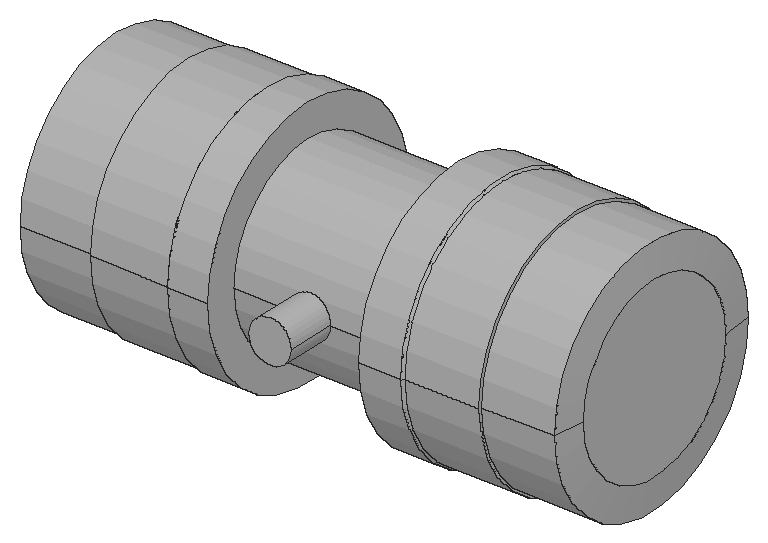
Revit family "Plumbing_Joints_Aignep_Female-Fitting-With-Condense-Exhaust-Incorporated-90250", category Pipe Fittings, Revit 2018
Family settings
  Round Connector Dimension = Use Diameter
  Part Type = Tee
  OmniClass Number = 23.27.43.00
  Work Plane-Based = No
  Always vertical = Yes
  Cut with Voids When Loaded = No
  Shared = No
Parameters (values of type "90250")
  QR code = "https://www.bimobject.com/aignep/product/female-fitting-with-condense-exhaust-incorporated-90250"
  Product url = "https://www.aignep.com/eng/Pipe-fittings-INFINITY/Air-Pipeline-INFINITY-Series/FEMALE-FITTING-WITH-CONDENSE-EXHAUST-INCORPORATED"
  Product name = "Female Fitting With Condense Exhaust Incorporated - 90250"
  Product group = "Fittings"
  Product family = "INFINITY"
  Product certification = "https://www.aignep.com/eng/Certificazioni/FREE-OF-SILICON"
  Product SKU = "Female-Fitting-With-Condense-Exhaust-Incorporated-90250"
  Product Material = AIGNEP - Aluminium - Grey
  Product Guid = "8c252e73-3389-4dec-8777-b9f8dd8f057a"
  OmniClass Description = "Pipe Fittings"
  OmniClass Code = "23-27 43 00"
  Material main = "Aluminium"
  Manufacturer name = "Aignep Spa"
  Manufacturer country = "Italy"
  IFC Classification = "Pipe Fitting"
  FD [instance] = Nominal Diameter 02 * 1.25  # 15.875 mm
  Design country = "Italy"
  DFE [instance] = 0.6 * E  # 56.400 mm
  BIMobject category = "Joints"
  B/2 [instance] = B / 2  # 28.750 mm
  Tick Size 02 [instance] = Nominal Diameter 02 * 0.8  # 10.160 mm
  Nominal Diameter 02 [instance] = 12.700 mm
  Nominal Diameter 01 [instance] = 63.000 mm
  L2 [instance] = size_lookup(Lookup Table Name, "L2", 0.000 mm, Nominal Diameter 01, Nominal Diameter 02)  # 53.000 mm
  L1 [instance] = size_lookup(Lookup Table Name, "L1", 0.000 mm, Nominal Diameter 01, Nominal Diameter 02)  # 203.000 mm
  Description = "Female fitting with condense exhaust incorporated"  # constant formula
  CH1 [instance] = size_lookup(Lookup Table Name, "CH1", 0.000 mm, Nominal Diameter 01, Nominal Diameter 02)  # 75.000 mm
  CH [instance] = size_lookup(Lookup Table Name, "CH", 0.000 mm, Nominal Diameter 01, Nominal Diameter 02)  # 80.000 mm
  A [instance] = size_lookup(Lookup Table Name, "A", 0.000 mm, Nominal Diameter 01, Nominal Diameter 02)  # 13.500 mm
  URL = "https://www.aignep.com/"
  Tick Size 01 [instance] = Nominal Diameter 01 * 0.8  # 50.400 mm
  Product data url = "https://www.bimobject.com/aignep/product/female-fitting-with-condense-exhaust-incorporated-90250"
  Model = "90250"  # constant formula
  Manufacturer = "Aignep Spa"  # constant formula
  Lookup Table Name = "Tee - 90250"  # constant formula
  Keynote = "15410"
  Edition number = 1
  C [instance] = size_lookup(Lookup Table Name, "C", 0.000 mm, Nominal Diameter 01, Nominal Diameter 02)  # 88.000 mm
  E [instance] = size_lookup(Lookup Table Name, "E", 0.000 mm, Nominal Diameter 01, Nominal Diameter 02)  # 94.000 mm
  B [instance] = size_lookup(Lookup Table Name, "B", 0.000 mm, Nominal Diameter 01, Nominal Diameter 02)  # 57.500 mm
  Assembly Code = "D2040100"
  Article Code [instance] = size_lookup(Lookup Table Name, "", "", Nominal Diameter 01, Nominal Diameter 02)  # "90250 00 017 A"
Reference planes
  plane 1 "Center (Front/Back)": y = 0
  plane 2: z = 0
  plane 3 "Center (Left/Right)": x = 0
  plane 4: x = -44
  plane 5: x = 44
  plane 6: y = -53
  plane 7: x = 101.5
  plane 8: x = -101.5
  plane 9: y = -39.5
  plane 10: y = 47
  plane 11: y = -47
  plane 12: x = -28.2
  plane 13: x = 28.2
  plane 14: z = -47
  plane 15: z = 47
Forms (mm)
  Sweep 1, solid, not visible, detail levels coarse
    path in 3D
      loop
        line (-44, 0, 0) -> (44, 0, 0)
    profile origin (0, 0, 0) x (0, 1, 0) y (0, 0, 1)
      loop
        circle (0, 0) r 31.5
  Sweep 2, solid, not visible, detail levels coarse
    path in 3D
      loop
        line (0, 0, 0) -> (0, -39.5, 0)
    profile origin (0, -19.75, 0) x (1, 0, 0) y (0, 0, 1)
      loop
        circle (0, 0) r 6.35
  Sweep 3, solid, material "AIGNEP - Aluminium - Grey" <- "Product Material", detail levels fine
    path origin (-32.5, 55.314, 1200) x (0, 1, 0) y (0, 0, 1)
      loop
        circle (-55.314, -1200) r 31.5
    profile origin (-32.5, 0, 31.5) x (0, 0, -1) y (1, 0, 0)
      loop
        line (-14.75, -40.25) -> (-13.8, -40.25) -> (-13.8, -67.25) -> (-1.75, -69) -> (0, -69) -> (0, 57.25) -> (0, 134) -> (-1.75, 134) -> (-13.8, 132.75) -> (-13.8, 105.25) -> (-14.75, 105.25) -> (-14.75, 77.25) -> (-15.5, 76.5) -> (-15.5, 60.7) -> (-3.5, 60.7) -> (-3.5, 57.154) -> (-3.5, 4.3) -> (-15.5, 4.3) -> (-15.5, -10.75) -> (-14.75, -11.5) -> (-14.75, -40.25)
  Sweep 4, solid, material "AIGNEP - Aluminium - Grey" <- "Product Material", detail levels fine
    path origin (0, 0, 0) x (1, 0, 0) y (0, 1, 0)
      loop
        line (-101.5, 0) -> (101.5, 0)
    profile origin (0, 0, 0) x (0, 1, 0) y (0, 0, 1)
      loop
        circle (0, 0) r 31.5
  Sweep 5, solid, material "AIGNEP - Aluminium - Grey" <- "Product Material", detail levels fine
    path origin (0, 0, 0) x (1, 0, 0) y (0, 1, 0)
      loop
        line (0, 0) -> (0, -53)
    profile origin (0, -26.5, 0) x (1, 0, 0) y (0, 0, 1)
      loop
        circle (0, 0) r 7.938
Cuts and joins
  joined: Sweep 3, Sweep 4, Sweep 5
Lines and regions (mm)
  model lines, detail levels coarse+medium
    curve 1: line (-44, 0, 0) -> (44, 0, 0)
    curve 2: line (0, 0, 0) -> (0, -39.5, 0)
    curve 3: line (-44, 25.2, 0) -> (-44, -25.2, 0)
    curve 4: line (44, 25.2, 0) -> (44, -25.2, 0)
    curve 5: line (-5.08, -39.5, 0) -> (5.08, -39.5, 0)
  sketch lines
    curve 6: line (-44, 0, 0) -> (44, 0, 0)
    curve 7: line (0, 0, 0) -> (0, -39.5, 0)
Dimensions and locks
  equal spacing: plane 4, plane 3 "Center (Left/Right)", plane 5
  "C": plane 4 to plane 5
  "B": plane 5 to plane 7
  "L1": plane 8 to plane 7
  "L2": plane 6 to plane 1 "Center (Front/Back)"
  equal spacing: plane 10, plane 1 "Center (Front/Back)", plane 11
  "E": plane 10 to plane 11
  equal spacing: plane 12, plane 3 "Center (Left/Right)", plane 13
  "DFE": plane 12 to plane 13
  equal spacing: curve 3, plane 1 "Center (Front/Back)", curve 3
  "Tick Size 01": curve 3 to curve 3
  equal spacing: curve 4, plane 1 "Center (Front/Back)", curve 4
  "Tick Size 01": curve 4 to curve 4
  equal spacing: curve 5, plane 3 "Center (Left/Right)", curve 5
  "Tick Size 02": curve 5 to curve 5
  equal spacing: plane 15, plane 2, plane 14
  "E": plane 15 to plane 14
  "B/2": plane 4 to Sweep 3 sketch curve
  "B/2": Sweep 3 sketch curve to plane 5
  locked: Sweep 3 sketch curve to Sweep 3 sketch curve at 1.75
  locked: Sweep 3 sketch curve to profile plane at 1.75
  "A": plane 9 to plane 6
  "Nominal Diameter 01": diameter of Sweep 1 sketch curve
  "Nominal Diameter 02": diameter of Sweep 2 sketch curve
  "Nominal Diameter 01": diameter of Sweep 3 sketch curve
  "Nominal Diameter 01": diameter of Sweep 4 sketch curve
  "FD": diameter of Sweep 5 sketch curve
  aligned and locked: level to plane 2
  aligned and locked: plane 1 "Center (Front/Back)" to curve 1
  aligned and locked: plane 4 to curve 1
  aligned and locked: curve 2 to plane 3 "Center (Left/Right)"
  aligned and locked: plane 1 "Center (Front/Back)" to curve 2
  aligned and locked: curve 3 to plane 4
  aligned and locked: plane 1 "Center (Front/Back)" to Sweep 1 sketch curve
  aligned and locked: plane 2 to Sweep 1 sketch curve
  aligned and locked: plane 3 "Center (Left/Right)" to Sweep 2 sketch curve
  aligned and locked: plane 2 to Sweep 2 sketch curve
  aligned and locked: plane 5 to curve 1
  aligned and locked: curve 4 to plane 5
  aligned and locked: plane 1 "Center (Front/Back)" to Sweep 3 sketch curve
  aligned and locked: plane 2 to Sweep 3 sketch curve
  aligned and locked: Sweep 3 sketch curve to profile plane
  aligned and locked: Sweep 3 sketch curve to plane 8
  aligned and locked: Sweep 3 sketch curve to plane 15  (x2)
  aligned and locked: Sweep 3 sketch curve to plane 12
  aligned and locked: plane 4 to Sweep 3 sketch curve
  aligned and locked: Sweep 3 sketch curve to plane 13
  aligned and locked: Sweep 3 sketch curve to plane 7
  aligned and locked: plane 8 to Sweep 4 sketch curve
  aligned and locked: plane 7 to Sweep 4 sketch curve
  aligned and locked: plane 1 "Center (Front/Back)" to Sweep 4 sketch curve
  aligned and locked: level to Sweep 4 sketch curve
  aligned and locked: plane 1 "Center (Front/Back)" to Sweep 5 sketch curve
  aligned and locked: Sweep 5 sketch curve to plane 3 "Center (Left/Right)"
  aligned and locked: plane 3 "Center (Left/Right)" to Sweep 5 sketch curve
  aligned and locked: plane 2 to Sweep 5 sketch curve
  aligned and locked: plane 6 to Sweep 5 sketch curve
  aligned and locked: plane 5 to Sweep 3 sketch curve
  aligned and locked: curve 5 to plane 9
Automatic sketch dimensions
  Sweep 3 sketch curve to plane 15 = 0.750 mm  (x2)
  Sweep 3 sketch curve to Sweep 3 sketch curve = 0.950 mm
  Sweep 3 sketch curve to plane 15 = 1.700 mm
  profile plane to Sweep 3 sketch curve = 3.500 mm
  Sweep 3 sketch curve to Sweep 3 sketch curve = 1.750 mm
  Sweep 3 sketch curve to Sweep 3 sketch curve = 0.750 mm  (x2)
  Sweep 3 sketch curve to Sweep 3 sketch curve = 3.546 mm
  Sweep 3 sketch curve to Sweep 3 sketch curve = 0.096 mm
  Sweep 3 sketch curve to Sweep 3 sketch curve = 1.250 mm
  Sweep 4 sketch curve to profile plane = 0.000 mm
Connectors
  piping at (-44, 0, 0), diameter 63, driven by "Nominal Diameter 01"
    settings: on Sweep 1, index 1, connector inside diameter 609.600 mm, connector length 0.000 mm, flow factor 0, pipe flow 0.0 L/s, pressure drop 0.0 Pa, fitting loss kfactor 0, connector angle 0.00°, fixture units 0, engagement length 0.000 mm, angle of deflection 0.00°, flow configuration 0, flow direction 0, fitting loss method 0, system type 28, joint type 0, gender type 0, connector reference index -1, connector utility 0, adjustable connector no, is connector primary yes, connector description ""
  piping at (44, 0, 0), diameter 63, driven by "Nominal Diameter 01"
    settings: on Sweep 1, index 2, connector inside diameter 609.600 mm, connector length 0.000 mm, flow factor 0, pipe flow 0.0 L/s, pressure drop 0.0 Pa, fitting loss kfactor 0, connector angle 0.00°, fixture units 0, engagement length 0.000 mm, angle of deflection 0.00°, flow configuration 0, flow direction 0, fitting loss method 0, system type 28, joint type 0, gender type 0, connector reference index -1, connector utility 0, adjustable connector no, is connector primary no, connector description ""
  piping at (0, -39.5, 0), diameter 12.7, driven by "Nominal Diameter 02"
    settings: on Sweep 2, index 3, connector inside diameter 609.600 mm, connector length 0.000 mm, flow factor 0, pipe flow 0.0 L/s, pressure drop 0.0 Pa, fitting loss kfactor 0, connector angle 0.00°, fixture units 0, engagement length 0.000 mm, angle of deflection 0.00°, flow configuration 0, flow direction 0, fitting loss method 0, system type 28, joint type 0, gender type 0, connector reference index -1, connector utility 0, adjustable connector no, is connector primary no, connector description ""
